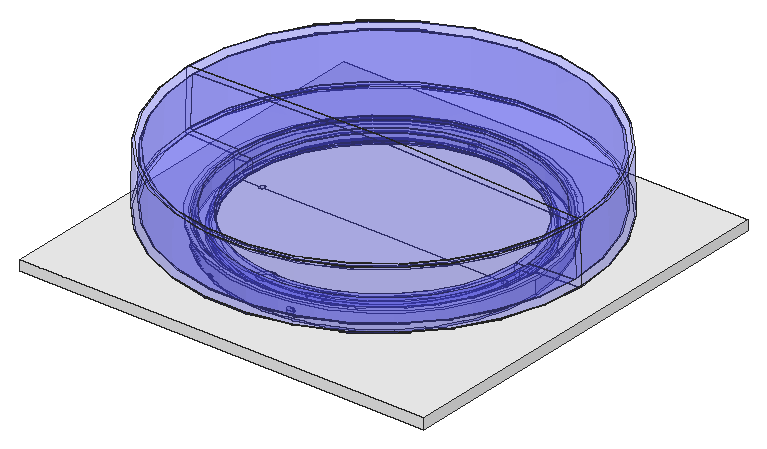
Revit family "BE_34288P_de_DE", category Leuchten, Revit 2015
Parameters (values of type "BEGA_34288P_K4")
  built-in parameter 1150104 = 11.446 (stored number, unit not read)
  Wattage = 25.9 W
  Default Elevation = 0 mm
  built-in parameter 1150113 = 1 (stored number, unit not read)
  built-in parameter 1114218 = 1 (stored number, unit not read)
  Umgebungstemperatur = ""
  URL = "http://www.bega.de/produkt/34288P"
  Typenkommentare = "© 2017 BEGA. Wir behalten uns das Recht vor, technische Änderungen ohne vorherige Ankündigung vorzunehmen."  # constant formula
  built-in parameter 1150134 = 12
  built-in parameter 1150109 = 1 (stored number, unit not read)
  Strom = ""
  built-in parameter 1150110 = 1 (stored number, unit not read)
  Spannung = 239.996 V
  Sonderanfertigung = no
  Seriennummer [instance] = "Hier können Sie die eindeutige Seriennummer für das Facility Management eintragen."
  Schutzklasse = "I"
  Schutzart = "IP 44"
  Scheinlast = 0 VA
  Produktdatenblatt = "http://www.bega.de/download/Xrfa/db/34288P.db.de.pdf"
  Oberflächentemperatur = ""
  Neigungswinkel = 0.00°
  Modell = "34288PK4"
  Material_17 = BEGA_Reflektor
  Material_15 = BEGA_Leuchtmedium_matt
  Material_14 = BEGA_Kunststoff_opal
  Material_11 = BEGA_Glas_opal
  Material_09 = BEGA_Glas_klar
  Material_06 = BEGA_Oberfläche_Edelstahl_gebürstet
  Material_05 = BEGA_Oberfläche_Aluminium Guss
  Material_03 = BEGA_Oberfläche_Weiss_matt
  Material_02 = BEGA_Oberfläche_Silber_matt
  Material_01 [instance] = BEGA_Oberfläche_Grafit_matt
  M_W = no
  M_G = no
  M_A = no
  Logo = 0
  built-in parameter 1114217 = 1 (stored number, unit not read)
  built-in parameter 1150139 = (empty or 0)
  built-in parameter 1150105 = 253.92 (stored number, unit not read)
  built-in parameter 1150114 = 1 (stored number, unit not read)
  Lumens = 3190.88 lm
  built-in parameter 1150115 = 1 (stored number, unit not read)
  Leuchtenlichtstrom = "2516 lm"
  Leuchtenanzahl = ""
  Lebensdauerkriterien = "L70B50 @ 25 °C = 148000 h"
  Lastklassifizierung = Beleuchtung
  built-in parameter 1150112 = 1 (stored number, unit not read)
  Lampenlichtstrom = "3190 lm"
  Lampe = "LED 25.9 W"
  LED_Modulbezeichnung = "LED-0570/940 "
  Hersteller = "BEGA"  # constant formula
  Halbstreuwinkel = ""
  Gewicht = "4.0 kg"
  Gebrauchslageneinschränkung [instance] = ""
  Frequenz = "0/50-60 Hz"
  Farbwiedergabeindex = "Ra > 90"
  Farbtemperaturverschiebung bei Dämpfen der Lampe = <Keine Auswahl>
  Farbtemperatur = "4000 K"
  Color Filter = 16777215
  built-in parameter 1150133 = 10 (stored number, unit not read)
  Energieeffizienzklasse = "LED A++ - A"
  built-in parameter 1150137 = (empty or 0)
  built-in parameter 1150132 = (empty or 0)
  ENEC = ""
  Dimmbar [instance] = "DALI"
  Datei für fotometrisches Netz = "BE_34288K4P_PRE.IES"
  CE_Konformität = "ja"
  Bestellnummer = "34288PK4"
  Beschreibung_Sonderanfertigung = "Hier können Sie Informationen zur Sonderanfertigung eintragen."
  Beschreibung = "Decken- und Wandleuchte"
  built-in parameter 1150106 = 2.5392 (stored number, unit not read)
  Befestigungsbohrung = "Ø 5,5 mm"
  Befestigungsabstand = "240 mm"
  Ballwurfsicher = ""
  BEGA_Intern_aus = yes
  BEGA_Intern_an = yes
  BEGA_Intern_Konstruktion = yes
  BEGA_Intern = yes
  BEGA_IES = yes
  BEGA_Dummy = no
  Anschlussleitung = ""
  Anschlussleistung [instance] = "29.4 W"
  Anschlusskasten = ""
  built-in parameter 1150107 = 4000 (stored number, unit not read)
  built-in parameter 1150102 = (empty or 0)
  built-in parameter 1150138 = (empty or 0)
  Aktualisierung = "2017-08-24T04:09:24"
  Abstand_zur_angestrahlten_Fläche [instance] = ""
  AC/DC = "AC/DC"
Types (2, lengths in mm): name | built-in parameter 1150104 | built-in parameter 1150134 | Modell | built-in parameter 1150105 | Lumens | Leuchtenlichtstrom | Lampenlichtstrom | LED_Modulbezeichnung | Farbtemperatur | Datei für fotometrisches Netz | Bestellnummer | built-in parameter 1150106 | built-in parameter 1150107
  BEGA_34288P_K3 | 11.046 (stored number, unit not read) | (empty or 0) | "34288P" | 245.06 (stored number, unit not read) | 3079.51 lm | "2430 lm" | "3080 lm" | "LED-0570/930 " | "3000 K" | "BE_34288P_PRE.IES" | "34288P" | 2.4506 (stored number, unit not read) | 3000 (stored number, unit not read)
  BEGA_34288P_K4 | 11.446 (stored number, unit not read) | 12 | "34288PK4" | 253.92 (stored number, unit not read) | 3190.88 lm | "2516 lm" | "3190 lm" | "LED-0570/940 " | "4000 K" | "BE_34288K4P_PRE.IES" | "34288PK4" | 2.5392 (stored number, unit not read) | 4000 (stored number, unit not read)
Reference planes
  plane 1 "Mitte (Vorne/Hinten)": y = 0
  plane 2: z = 0
  plane 3 "Mitte (Links/Rechts)": x = 0
  plane 4 "Links": x = -195.948
  plane 5 "Rechts": x = 195.948
  plane 6 "Unten": y = -195.9
  plane 7 "Oben": y = 195.9
  plane 8 "Vorne": z = 91.23
  plane 9 "Hinten": z = 0
Forms (mm)
  Extrusion 1, solid, material "BEGA_Platte_Weiss"
    sketch origin (0, -1119.2, 0) x (1, 0, 0) y (0, 1, 0)
      loop
        line (-200, 1319.2) -> (-200, 919.2) -> (200, 919.2) -> (200, 1319.2) -> (-200, 1319.2)
    from 0 to -10
  Extrusion 2, solid, material "BEGA_Dummy_matt", visible <- "BEGA_Dummy"
    sketch origin (77.149, -76.023, 0) x (1, 0, 0) y (0, 1, 0)
      loop
        circle (-77.149, 76.023) r 195.948
    from 0 to 91.23
Dimensions and locks
  plane 1 "Mitte (Vorne/Hinten)" to Extrusion 1 = 200 mm
  aligned and locked: plane 2 to Extrusion 1
  aligned and locked: level to Extrusion 1
Nested families
  nested 1: "BE_34288P" at (0, 0, 0), type "BE_34288P"
Connectors
  electrical at (0, 0, 0), driven by "Lastklassifizierung", driven by "Spannung", driven by "Scheinlast"
    settings: index 1, voltage 239.996 V, apparent load 0 VA, apparent load phase1 0 VA, apparent load phase2 0 VA, apparent load phase3 0 VA, power factor 1, load classification "Beleuchtung", number of poles 1, system type 31, power factor state 1, is connector primary yes, connector utility no, sub classification motor no, connector description ""
Definition of nested family "BE_34288P"
  Parameters (values of type "BE_34288P")
    Default Elevation = 1 mm
    URL = "http://www.bega.de/de/produkt"
    Type Comments = "© 2015 BEGA. Wir behalten uns das Recht vor, technische Änderungen ohne vorherige Ankündigung vorzunehmen. "  # constant formula
    Type Image = (empty or 0)
    Neigungswinkel_um_Z2 = 0.00°
    Neigungswinkel_um_Z1 = 0.00°
    Neigungswinkel_um_Y2 = 0.00°
    Neigungswinkel_um_Y1 = 0.00°
    Neigungswinkel_um_X2 = 0.00°
    Neigungswinkel_um_X1 = 0.00°
    Material_17 = none
    Material_15 = none
    Material_14 = none
    Material_11 = none
    Material_09 = none
    Material_06 = none
    Material_05 = none
    Material_03 = none
    Material_02 = none
    Material_01 = none
    M_W = yes
    M_G = yes
    M_A = yes
    Länge_Platte = 450 mm  # constant formula
    Höhe_Platte = -10 mm  # constant formula
    Manufacturer = "BEGA"  # constant formula
    Drehwinkel_um_Z2 = 0.00°
    Drehwinkel_um_Z1 = 0.00°
    Breite_Platte = 450 mm  # constant formula
  Reference planes
    plane 1 "Mitte (Oben/Unten)": y = 0
    plane 2: z = 0
    plane 3 "Mitte (Links/Rechts)": x = 0
    plane 4: x = -195.948
    plane 5: z = 91.23
    plane 6: x = 195.948
    plane 7: y = -195.9
    plane 8: y = 195.9
  Forms (mm)
    Extrusion 1, solid, detail levels medium
      sketch origin (0, 0, 0) x (1, 0, 0) y (0, 1, 0)
        loop
          line (-225, 225) -> (-225, -225) -> (225, -225) -> (225, 225) -> (-225, 225)
      from 0 to -10 <- "Höhe_Platte"
    Revolve 2, solid, material <- "Material_03", detail levels medium+fine
      sketch origin (0, 0, 0) x (1, 0, 0) y (0, 0, 1)
        loop
          line (-155, 22) -> (-150.815, 22) -> (-150.518, 4.944)
          arc (-150.518, 4.944) -> (-149.622, 2.854) -> (-147.518, 1.99) r 3
          line (-147.518, 1.99) -> (0, 1.99) -> (0, 4) -> (-147.518, 4)
          arc (-147.518, 4) -> (-148.219, 4.287) -> (-148.518, 4.983) r 1
          line (-148.518, 4.983) -> (-148.818, 22.171)
          arc (-148.818, 22.171) -> (-149.458, 23.474) -> (-150.811, 24) r 2
          line (-150.811, 24) -> (-155, 24) -> (-155, 22)
        axis (0, 1.99) -> (0, 24)
      angle from 0 to 360
    Revolve 3, solid, material <- "Material_03", detail levels medium+fine
      sketch origin (-20.712, 98.288, 0) x (-1, 0, 0) y (0, 0, 1)
        loop
          arc (-124.759, 2.845) -> (-122.212, 0.75) -> (-119, 0) r 7.249
          line (-119, 0) -> (-119, 2.845) -> (-124.759, 2.845)
        axis (-119, 0) -> (-119, 2.845)
      angle from 0 to 360
    Revolve 4, solid, material <- "Material_14", detail levels medium+fine
      sketch origin (0, 0, 0) x (1, 0, 0) y (0, 0, 1)
        loop
          arc (0, 91.23) -> (-96.315, 90.004) -> (-192.567, 86.325) r 3782.243
          arc (-192.567, 86.325) -> (-193.896, 85.724) -> (-194.464, 84.38) r 2
          line (-194.464, 84.38) -> (-195.948, 27.704)
          arc (-195.948, 27.704) -> (-195.403, 26.287) -> (-194.019, 25.661) r 2
          line (-194.019, 25.661) -> (-148.96, 24.087)
          arc (-148.96, 24.087) -> (-148.287, 21.659) -> (-146, 20.6) r 3
          line (-146, 20.6) -> (-135, 20.6) -> (-135, 14.367) -> (-138, 12.029) -> (-138, 8.6) -> (-135, 8.6) -> (-135, 10.613) -> (-132.71, 11.227)
          arc (-132.71, 11.227) -> (-130.575, 12.656) -> (-129.75, 15.089) r 4
          line (-129.75, 15.089) -> (-129.75, 21.91)
          arc (-129.75, 21.91) -> (-130.06, 23.971) -> (-130.964, 25.85) r 7
          line (-130.964, 25.85) -> (-143.75, 25.85) -> (-143.75, 29.159) -> (-188.631, 30.726)
          arc (-188.631, 30.726) -> (-190.017, 31.351) -> (-190.564, 32.769) r 2
          line (-190.564, 32.769) -> (-189.334, 79.381)
          arc (-189.334, 79.381) -> (-188.766, 80.726) -> (-187.434, 81.326) r 2
          arc (-187.434, 81.326) -> (-93.746, 84.816) -> (0, 85.98) r 3776.993
          line (0, 85.98) -> (0, 91.23)
        axis (0, 91.23) -> (0, 8.6)
      angle from 0 to 360
    Extrusion 5, void
      sketch origin (0, 0, 0) x (1, 0, 0) y (0, 1, 0)
        loop
          circle (-30, -107.5) r 8.5
        loop
          circle (20, -107.5) r 8.5
        loop
          circle (-120, 0) r 2.75
        loop
          circle (120, 0) r 2.75
      from 0 to 6
    Revolve 6, solid, material <- "Material_03", detail levels medium+fine
      sketch origin (98.288, 20.712, 0) x (0, 1, 0) y (0, 0, 1)
        loop
          arc (-124.759, 2.845) -> (-122.212, 0.75) -> (-119, 0) r 7.249
          line (-119, 0) -> (-119, 2.845) -> (-124.759, 2.845)
        axis (-119, 0) -> (-119, 2.845)
      angle from 0 to 360
    Revolve 7, solid, material <- "Material_03", detail levels medium+fine
      sketch origin (-98.288, -20.712, 0) x (0, -1, 0) y (0, 0, 1)
        loop
          arc (-124.759, 2.845) -> (-122.212, 0.75) -> (-119, 0) r 7.249
          line (-119, 0) -> (-119, 2.845) -> (-124.759, 2.845)
        axis (-119, 0) -> (-119, 2.845)
      angle from 0 to 360
    Revolve 8, solid, material <- "Material_03", detail levels medium+fine
      sketch origin (20.712, -98.288, 0) x (1, 0, 0) y (0, 0, 1)
        loop
          arc (-124.759, 2.845) -> (-122.212, 0.75) -> (-119, 0) r 7.249
          line (-119, 0) -> (-119, 2.845) -> (-124.759, 2.845)
        axis (-119, 0) -> (-119, 2.845)
      angle from 0 to 360
    Revolve 9, solid, material <- "Material_06", detail levels fine
      sketch origin (0, 0, 11.5) x (1, 0, 0) y (0, 1, 0)
        loop
          line (22.977, -149.027) -> (26.178, -148.463) -> (24.806, -140.684) -> (21.606, -141.249) -> (22.977, -149.027)
        axis (24.806, -140.684) -> (26.178, -148.463)
      angle from 0 to 360
    Revolve 10, solid, material <- "Material_06", detail levels fine
      sketch origin (0, 0, 11.5) x (0.939693, 0.34202, 0) y (-0.34202, 0.939693, 0)
        loop
          line (22.977, 149.027) -> (21.606, 141.249) -> (24.806, 140.684) -> (26.178, 148.463) -> (22.977, 149.027)
        axis (24.806, 140.684) -> (26.178, 148.463)
      angle from 0 to 360
  Cuts and joins
    Extrusion 5 cuts Revolve 2
    Extrusion 5 cuts Revolve 3
    joined: Revolve 2, Revolve 3, Revolve 6, Revolve 7, Revolve 8
  Dimensions and locks
    equal spacing: Extrusion 1 sketch curve, plane 3 "Mitte (Links/Rechts)", Extrusion 1 sketch curve
    equal spacing: Extrusion 1 sketch curve, plane 1 "Mitte (Oben/Unten)", Extrusion 1 sketch curve
    "Länge_Platte": Extrusion 1 sketch curve to Extrusion 1 sketch curve
    "Breite_Platte": Extrusion 1 sketch curve to Extrusion 1 sketch curve
    aligned and locked: Extrusion 1 to plane 2
    aligned and locked: level to Extrusion 1
  Automatic sketch dimensions
    Revolve 2 sketch curve to plane 3 "Mitte (Links/Rechts)" = 0 mm  (x2)
    level to Revolve 2 sketch curve = 4.993 mm
    Revolve 2 sketch curve to Revolve 2 sketch curve = 0 mm  (x4)
    level to Revolve 2 sketch curve = 4.983 mm
    Revolve 2 sketch curve to Revolve 2 sketch curve = 1 mm
    Revolve 2 sketch curve to Revolve 2 sketch curve = 0.3 mm
    level to Revolve 2 sketch curve = 4.944 mm
    Revolve 2 sketch curve to Revolve 2 sketch curve = 2 mm
    Revolve 2 sketch curve to Revolve 2 sketch curve = 1.993 mm
    Revolve 2 sketch curve to Revolve 2 sketch curve = 0.005 mm
    Revolve 2 sketch curve to Revolve 2 sketch curve = 4.185 mm
    level to Revolve 2 sketch curve = 1.99 mm
    Revolve 2 sketch curve to Revolve 2 sketch curve = 2.01 mm
    Revolve 2 sketch curve to Revolve 2 sketch curve = 17.056 mm
    Revolve 2 sketch curve to Revolve 2 sketch curve = 0.171 mm
    Revolve 2 sketch curve to Revolve 2 sketch curve = 0.569 mm
    level to Revolve 3 sketch curve = 2.845 mm
    Revolve 3 sketch curve to Revolve 3 sketch curve = 5.758 mm
    Revolve 3 sketch curve to Revolve 3 sketch curve = 0 mm  (x3)
    level to Revolve 3 sketch curve = 0 mm
    Revolve 3 sketch curve to Revolve 3 sketch curve = 0.469 mm
    plane 1 "Mitte (Oben/Unten)" to Extrusion 5 sketch curve = 0 mm  (x2)
    Extrusion 5 sketch curve to plane 3 "Mitte (Links/Rechts)" = 30 mm
    plane 3 "Mitte (Links/Rechts)" to Extrusion 5 sketch curve = 20 mm
    Extrusion 5 sketch curve to Extrusion 5 sketch curve = 0 mm
    level to Revolve 6 sketch curve = 2.845 mm
    Revolve 6 sketch curve to Revolve 6 sketch curve = 5.758 mm
    Revolve 6 sketch curve to Revolve 6 sketch curve = 0 mm  (x3)
    level to Revolve 6 sketch curve = 0 mm
    Revolve 6 sketch curve to Revolve 6 sketch curve = 0.469 mm
    level to Revolve 7 sketch curve = 2.845 mm
    Revolve 7 sketch curve to Revolve 7 sketch curve = 5.758 mm
    Revolve 7 sketch curve to Revolve 7 sketch curve = 0 mm  (x3)
    level to Revolve 7 sketch curve = 0 mm
    Revolve 7 sketch curve to Revolve 7 sketch curve = 0.469 mm
    level to Revolve 8 sketch curve = 2.845 mm
    Revolve 8 sketch curve to Revolve 8 sketch curve = 5.758 mm
    Revolve 8 sketch curve to Revolve 8 sketch curve = 0 mm  (x3)
    level to Revolve 8 sketch curve = 0 mm
    Revolve 8 sketch curve to Revolve 8 sketch curve = 0.469 mm
    plane 3 "Mitte (Links/Rechts)" to Revolve 9 sketch curve = 21.606 mm
    Revolve 9 sketch curve to Revolve 9 sketch curve = 1.371 mm
    Revolve 9 sketch curve to Revolve 9 sketch curve = 3.201 mm  (x2)
    Revolve 9 sketch curve to Revolve 9 sketch curve = 0.564 mm  (x2)
    Revolve 9 sketch curve to Revolve 9 sketch curve = 7.778 mm
    Revolve 9 sketch curve to Revolve 9 sketch curve = 0 mm  (x2)
    Revolve 9 sketch curve to Revolve 9 sketch curve = 0.068 mm
    Revolve 9 sketch curve to Revolve 9 sketch curve = 0.386 mm
    Revolve 10 sketch curve to plane 3 "Mitte (Links/Rechts)" = 28.007 mm
    Revolve 10 sketch curve to Revolve 10 sketch curve = 1.371 mm
    Revolve 10 sketch curve to Revolve 10 sketch curve = 3.201 mm  (x2)
    Revolve 10 sketch curve to Revolve 10 sketch curve = 0.564 mm  (x2)
    Revolve 10 sketch curve to Revolve 10 sketch curve = 7.778 mm
    Revolve 10 sketch curve to Revolve 10 sketch curve = 0 mm  (x2)
    Revolve 10 sketch curve to Revolve 10 sketch curve = 0.068 mm
    Revolve 10 sketch curve to Revolve 10 sketch curve = 0.386 mm
    Revolve 4 sketch curve to plane 3 "Mitte (Links/Rechts)" = 0 mm  (x3)
    Revolve 4 sketch curve to Revolve 4 sketch curve = 0.009 mm  (x2)
    level to Revolve 4 sketch curve = 11.227 mm
    Revolve 4 sketch curve to Revolve 4 sketch curve = 1.746 mm
    Revolve 4 sketch curve to Revolve 4 sketch curve = 1.04 mm
    level to Revolve 4 sketch curve = 14.367 mm
    Revolve 4 sketch curve to Revolve 4 sketch curve = 1.25 mm
    Revolve 4 sketch curve to Revolve 4 sketch curve = 2.29 mm
    Revolve 4 sketch curve to Revolve 4 sketch curve = 1.75 mm
    Revolve 4 sketch curve to Revolve 4 sketch curve = 3 mm  (x2)
    Revolve 4 sketch curve to Revolve 4 sketch curve = 7 mm
    Revolve 4 sketch curve to Revolve 4 sketch curve = 2.25 mm  (x2)
    Revolve 4 sketch curve to Revolve 4 sketch curve = 2.96 mm
    Revolve 4 sketch curve to Revolve 4 sketch curve = 0.067 mm
    Revolve 4 sketch curve to Revolve 4 sketch curve = 2 mm  (x2)
    Revolve 4 sketch curve to Revolve 4 sketch curve = 5.13 mm
    Revolve 4 sketch curve to Revolve 4 sketch curve = 3.385 mm
    Revolve 4 sketch curve to Revolve 4 sketch curve = 0.614 mm
    Revolve 4 sketch curve to Revolve 4 sketch curve = 2.013 mm
    Revolve 4 sketch curve to level = 3691.013 mm
    Revolve 4 sketch curve to Revolve 4 sketch curve = 0.001 mm
    Revolve 4 sketch curve to Revolve 4 sketch curve = 1.416 mm
    Revolve 4 sketch curve to Revolve 4 sketch curve = 0.722 mm
    Revolve 4 sketch curve to Revolve 4 sketch curve = 5.511 mm
    Revolve 4 sketch curve to Revolve 4 sketch curve = 1.31 mm
    Revolve 4 sketch curve to Revolve 4 sketch curve = 0.487 mm
    level to Revolve 4 sketch curve = 27.66 mm
    Revolve 4 sketch curve to Revolve 4 sketch curve = 0.045 mm
    Revolve 4 sketch curve to Revolve 4 sketch curve = 3.309 mm
    Revolve 4 sketch curve to Revolve 4 sketch curve = 3.066 mm
    Revolve 4 sketch curve to Revolve 4 sketch curve = 1.999 mm  (x3)
    Revolve 4 sketch curve to Revolve 4 sketch curve = 5.251 mm
    Revolve 4 sketch curve to Revolve 4 sketch curve = 0 mm  (x14)
    Revolve 4 sketch curve to Revolve 4 sketch curve = 0.07 mm
    Revolve 4 sketch curve to Revolve 4 sketch curve = 3.94 mm
    Revolve 4 sketch curve to Revolve 4 sketch curve = 46.604 mm
    Revolve 4 sketch curve to Revolve 4 sketch curve = 4.999 mm
    level to Revolve 4 sketch curve = 85.98 mm
    Revolve 4 sketch curve to Revolve 4 sketch curve = 20.725 mm
    Revolve 2 sketch curve to plane 3 "Mitte (Links/Rechts)" = 147.518 mm
    Revolve 4 sketch curve to plane 3 "Mitte (Links/Rechts)" = 130.964 mm
    Revolve 4 sketch curve to Revolve 4 sketch curve = 43.585 mm
    Revolve 4 sketch curve to Revolve 4 sketch curve = 39.604 mm
    Extrusion 5 sketch curve to plane 3 "Mitte (Links/Rechts)" = 120 mm
    Revolve 8 sketch curve to plane 3 "Mitte (Links/Rechts)" = 104.046 mm
    plane 3 "Mitte (Links/Rechts)" to Revolve 3 sketch curve = 104.046 mm
    plane 3 "Mitte (Links/Rechts)" to Extrusion 5 sketch curve = 120 mm
    plane 1 "Mitte (Oben/Unten)" to Extrusion 5 sketch curve = 107.5 mm
    plane 1 "Mitte (Oben/Unten)" to Revolve 6 sketch curve = 104.046 mm
    plane 1 "Mitte (Oben/Unten)" to Revolve 9 sketch curve = 149.027 mm
    Revolve 7 sketch curve to plane 1 "Mitte (Oben/Unten)" = 104.046 mm
    Revolve 10 sketch curve to plane 1 "Mitte (Oben/Unten)" = 140.12 mm
    radius of Extrusion 5 sketch curve = 8.5 mm  (x2)
    radius of Extrusion 5 sketch curve = 2.75 mm  (x2)
